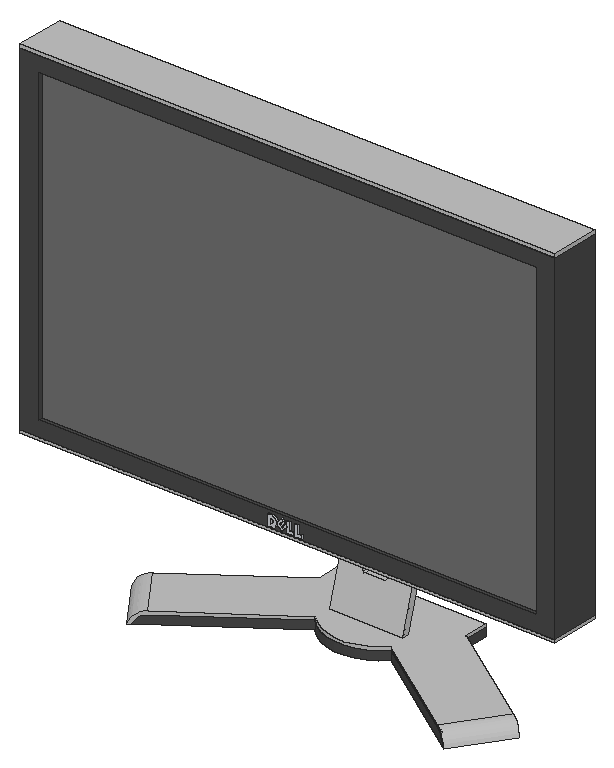
Revit family
Parameters
  Monitor Length [instance] = Diagonal * 0.849  # 1' - 8.376"
  Monitor Heigth [instance] = Diagonal * 0.53125  # 1' - 0 3/4"
  Diagonal [instance] = 2' - 0"
Reference planes (in)
  plane 1 "Center (Front/Back)": y = 0
  plane 2: z = 5.375
  plane 3 "Center (Left/Right)": x = 0
  plane 4 "Front": y = 0
  plane 5 "Rear of Screen": y = 2
  plane 6 "rear of monitor": y = 4
  plane 7 "front of screen": y = 0.25
  plane 8 "Right Side": x = 10.938
  plane 9 "Left Side": x = -10.938
  plane 10: z = 19.625
  plane 11: x = -10.188
  plane 12: z = 6.125
  plane 13: z = 18.875
  plane 14: x = 10.188
  plane 15 "Front of Stand": y = 5
  plane 16 "Back of Stand": y = 6
  plane 17 "Base": z = 0
  plane 18 "Left Side of Stand": x = -1.5
  plane 19 "Right Side of stand": x = 1.5
  plane 20 "Top Of Stand": z = 13.75
  plane 21 "Bottom of Stand": z = 6.25
  plane 22 "Back Of Base": y = 6.375
  plane 23 "Top Of Base": z = 0.5
  plane 24: z = 12.5
  plane 25 "Front Left Base": through (-6.48097, -0.11434, 48) normal (-0.5736, 0.8192, 0)
  plane 26 "Rear Left Base": through (-7.91491, 1.93354, 48) normal (-0.5736, 0.8192, 0)
  plane 27 "Rear Right Base": through (7.91491, 1.93354, 48) normal (-0.5736, -0.8192, 0)
  plane 28 "Front Right Base": through (6.48097, -0.11434, 48) normal (-0.5736, -0.8192, 0)
  plane 29 "Face of Text": y = -0.0625
  plane 30: z = 16.90625
  plane 31: z = 8.59151
Forms (in)
  Extrusion 1, solid, material "Black Plastic"
    sketch origin (0, 0, 4.5) x (-1, 0, 0) y (0, 0, 1)
      loop
        line (10.938, 15) -> (-10.938, 15) -> (-10.938, 1) -> (10.938, 1) -> (10.938, 15)
    from 0 to 2
  Extrusion 2, void
    sketch origin (0, 0, 4.5) x (-1, 0, 0) y (0, 0, 1)
      loop
        line (10.188, 14.375) -> (-10.188, 14.375) -> (-10.188, 1.625) -> (10.188, 1.625) -> (10.188, 14.375)
    from 0 to 0.25
  Blend 3, solid, material "Silver Plastic"
    base sketch origin (0.5, 0, 0.5) x (0, 1, 0) y (-1, 0, 0)
      loop
        line (4, 2) -> (4, -1) -> (4.25, -1) -> (4.25, 2) -> (4, 2)
    top sketch origin (0.5, 0, 0.5) x (0, 1, 0) y (-1, 0, 0)
      loop
        line (6, 2) -> (5.75, 2) -> (5.75, -1) -> (6, -1) -> (6, 2)
    from 0 to 5.75
  Extrusion 4, solid, material "Screen"
    sketch origin (0, 0.25, 0) x (-1, 0, 0) y (0, 0, 1)
      loop
        line (10.188, 18.875) -> (-10.188, 18.875) -> (-10.188, 6.125) -> (10.188, 6.125) -> (10.188, 18.875)
    from 0 to -0.0625
  Extrusion 5, void
    sketch origin (0, 4, 0) x (-1, 0, 0) y (0, 0, 1)
      loop
        arc (-0.40122, 5.76036) -> (-0.47107, 5.73143) -> (-0.5, 5.66158) r 0.09878
        line (-0.5, 5.66158) -> (-0.5, 2.09878)
        arc (-0.5, 2.09878) -> (-0.47107, 2.02893) -> (-0.40122, 2) r 0.09878
        line (-0.40122, 2) -> (0.40122, 2)
        arc (0.40122, 2) -> (0.47107, 2.02893) -> (0.5, 2.09878) r 0.09878
        line (0.5, 2.09878) -> (0.5, 5.66158)
        arc (0.5, 5.66158) -> (0.47107, 5.73143) -> (0.40122, 5.76036) r 0.09878
        line (0.40122, 5.76036) -> (-0.40122, 5.76036)
    from 0.25 to 2
  Extrusion 6, solid, material "Silver Plastic"
    sketch origin (0, 2, 0) x (-1, 0, 0) y (0, 0, 1)
      loop
        line (10.938, 5.5) -> (-10.938, 5.5) -> (-10.938, 5.375) -> (10.938, 5.375) -> (10.938, 5.5)
    from -2 to 0
  Extrusion 7, solid, material "Silver Plastic"
    sketch origin (0, 2, 0) x (-1, 0, 0) y (0, 0, 1)
      loop
        line (10.938, 19.625) -> (-10.938, 19.625) -> (-10.938, 19.5) -> (10.938, 19.5) -> (10.938, 19.625)
    from -2 to 0
  Extrusion 8, solid, material "Black Plastic"
    sketch origin (-2.07845, 2.96834, 0) x (-0.819152, -0.573576, 0) y (0, 0, 1)
      loop
        arc (5.2474, 0) -> (5.05891, 0.25266) -> (4.76841, 0.375) r 0.60038
        line (4.76841, 0.375) -> (-0.62552, 0.375) -> (-0.62552, 0) -> (5.2474, 0)
    from 0 to 2.5
  Extrusion 9, solid, material "Silver Plastic"
    sketch origin (-2.07845, 2.96834, 0) x (-0.819152, -0.573576, 0) y (0, 0, 1)
      loop
        line (5.2474, 0) -> (5.37448, 0)
        arc (5.37448, 0) -> (5.12866, 0.36187) -> (4.71305, 0.49842) r 0.67833
        line (4.71305, 0.49842) -> (-0.62552, 0.49842) -> (-0.62552, 0.375) -> (4.76841, 0.375)
        arc (4.76841, 0.375) -> (5.05891, 0.25266) -> (5.2474, 0) r 0.60038
    from 0 to 2.5
  Extrusion 10, solid, material "Silver Plastic"
    sketch origin (2.07845, 2.96834, 0) x (0.819152, -0.573576, 0) y (0, 0, -1)
      loop
        arc (5.2474, 0) -> (5.05891, -0.25266) -> (4.76841, -0.375) r 0.60038
        line (4.76841, -0.375) -> (-0.62552, -0.375) -> (-0.62552, -0.49842) -> (4.71305, -0.49842)
        arc (4.71305, -0.49842) -> (5.12866, -0.36187) -> (5.37448, 0) r 0.67833
        line (5.37448, 0) -> (5.2474, 0)
    from 0 to 2.5
  Extrusion 11, solid, material "Black Plastic"
    sketch origin (2.07845, 2.96834, 0) x (0.819152, -0.573576, 0) y (0, 0, -1)
      loop
        line (5.2474, 0) -> (-0.62552, 0) -> (-0.62552, -0.375) -> (4.76841, -0.375)
        arc (4.76841, -0.375) -> (5.05891, -0.25266) -> (5.2474, 0) r 0.60038
    from 0 to 2.5
  Extrusion 12, solid, material "Black Plastic"
    sketch origin (0, 0, 0) x (0, 1, 0) y (-1, 0, 0)
      loop
        line (5.375, 3) -> (3.32712, 1.56606)
        arc (3.32712, 1.56606) -> (2.62789, 0) -> (3.32712, -1.56606) r 2.10335
        line (3.32712, -1.56606) -> (5.375, -3) -> (6.375, -3) -> (6.375, 3) -> (5.375, 3)
    from 0 to 0.375
  Extrusion 13, solid, material "Silver Plastic"
    sketch origin (0, 0, 0) x (0, 1, 0) y (-1, 0, 0)
      loop
        line (6.375, 3) -> (5.375, 3) -> (3.32712, 1.56606)
        arc (3.32712, 1.56606) -> (2.62789, 0) -> (3.32712, -1.56606) r 2.10335
        line (3.32712, -1.56606) -> (5.375, -3) -> (6.375, -3) -> (6.375, 3)
    from 0.49842 to 0.375
  Extrusion 14, solid
    sketch origin (0, 0, -0.01627) x (-1, 0, 0) y (0, 0, 1)
      loop
        line (0, 6.04977) -> (-0.125, 6.04977) -> (-0.125, 5.7246) -> (-0.29874, 5.7246) -> (-0.29874, 5.5996) -> (0, 5.5996) -> (0, 6.04977)
    from 0 to -0.06227
  Extrusion 15, solid
    sketch origin (0.32999, 0, -0.01627) x (-1, 0, 0) y (0, 0, 1)
      loop
        line (0, 6.04977) -> (-0.125, 6.04977) -> (-0.125, 5.7246) -> (-0.29874, 5.7246) -> (-0.29874, 5.5996) -> (0, 5.5996) -> (0, 6.04977)
    from 0 to -0.06227
  Extrusion 16, solid
    sketch origin (0, -0.0625, 0) x (0, 0, 1) y (-1, 0, 0)
      loop
        line (5.77695, 0) -> (5.83945, 0) -> (5.87173, 0.03228) -> (5.7349, 0.16911) -> (5.757, 0.19121) -> (5.89383, 0.05438) -> (5.94852, 0.10907) -> (5.81169, 0.2459) -> (5.83379, 0.26799) -> (5.97062, 0.13116) -> (6.03415, 0.19469) -> (5.84018, 0.38866) -> (5.77768, 0.38866) -> (5.58299, 0.19397) -> (5.77695, 0)
    from 0 to -0.0625
  Extrusion 17, solid
    sketch origin (0, -0.0625, 0) x (0, 0, 1) y (-1, 0, 0)
      loop
        arc (5.83929, 0.38866) -> (5.97851, 0.46392) -> (6.03402, 0.61212) r 0.22558
        line (6.03402, 0.61212) -> (6.03402, 0.77061) -> (5.58286, 0.77061) -> (5.58286, 0.61212)
        arc (5.58286, 0.61212) -> (5.63838, 0.46392) -> (5.77759, 0.38866) r 0.22558
        line (5.77759, 0.38866) -> (5.83929, 0.38866)
      loop
        line (5.90902, 0.64561) -> (5.70786, 0.64561) -> (5.70786, 0.61212)
        arc (5.70786, 0.61212) -> (5.80844, 0.51154) -> (5.90902, 0.61212) r 0.10058
        line (5.90902, 0.61212) -> (5.90902, 0.64561)
    from 0 to -0.0625
  Extrusion 18, solid, material "Silver Plastic"
    sketch origin (-1.5, 0, 0) x (0, 0, 1) y (0, -1, 0)
      loop
        line (12.86211, -4) -> (11.26054, -4) -> (11.44628, -4.51031)
        arc (11.44628, -4.51031) -> (11.45771, -4.52786) -> (11.47526, -4.53929) r 0.0508
        line (11.47526, -4.53929) -> (11.56132, -4.53929)
        arc (11.56132, -4.53929) -> (12.06132, -4.15762) -> (12.56132, -4.53929) r 0.51834
        line (12.56132, -4.53929) -> (12.64739, -4.53929)
        arc (12.64739, -4.53929) -> (12.66494, -4.52786) -> (12.67637, -4.51031) r 0.0508
        line (12.67637, -4.51031) -> (12.86211, -4)
    from 0 to 3
  Extrusion 19, solid, material "Black Plastic"
    sketch origin (-1.5, 0, 0) x (0, 0, 1) y (0, -1, 0)
      loop
        arc (12.56132, -4.53929) -> (12.06132, -4.15762) -> (11.56132, -4.53929) r 0.51834
        line (11.56132, -4.53929) -> (11.56132, -5) -> (12.56132, -5) -> (12.56132, -4.53929)
    from 0 to 3
  Extrusion 20, solid, material "Silver Plastic"
    sketch origin (0, 2, 0) x (-1, 0, 0) y (0, 0, 1)
      loop
        line (-5.5, 16.90625) -> (-5.5, 8.59151) -> (5.5, 8.59151) -> (5.5, 16.90625) -> (-5.5, 16.90625)
    from 0 to 2
  Blend 21, solid, material "Black Plastic"
    base sketch origin (0, 2, 0) x (-1, 0, 0) y (0, 0, 1)
      loop
        line (-10.938, 19.5) -> (-10.938, 5.5) -> (-10.83663, 5.57314) -> (-10.83663, 19.42686) -> (-10.938, 19.5)
    top sketch origin (0, 2, 0) x (-1, 0, 0) y (0, 0, 1)
      loop
        line (-5.5, 16.90625) -> (-5.60137, 16.97939) -> (-5.60137, 8.52061) -> (-5.5, 8.59375) -> (-5.5, 16.90625)
    from 0 to 2
  Blend 22, solid, material "Silver Plastic"
    base sketch origin (0, 2, 0) x (-1, 0, 0) y (0, 0, 1)
      loop
        line (-10.938, 19.625) -> (-10.938, 19.5) -> (-10.83663, 19.42686) -> (10.83663, 19.42686) -> (10.938, 19.5) -> (10.938, 19.625) -> (-10.938, 19.625)
    top sketch origin (0, 2, 0) x (-1, 0, 0) y (0, 0, 1)
      loop
        line (-5.60137, 16.97939) -> (-5.5, 16.90625) -> (5.5, 16.90625) -> (5.60137, 16.97939) -> (-5.60137, 16.97939)
    from 0 to 2
  Blend 23, solid, material "Black Plastic"
    base sketch origin (0, 2, 0) x (1, 0, 0) y (0, 0, -1)
      loop
        line (-10.938, -19.5) -> (-10.83663, -19.42686) -> (-10.83663, -5.57314) -> (-10.938, -5.5) -> (-10.938, -19.5)
    top sketch origin (0, 2, 0) x (1, 0, 0) y (0, 0, -1)
      loop
        line (-5.5, -16.90625) -> (-5.5, -8.59375) -> (-5.60137, -8.52061) -> (-5.60137, -16.97939) -> (-5.5, -16.90625)
    from 0 to 2
  Extrusion 24, solid, material "Silver Plastic"
    sketch origin (0, 2, 0) x (-1, 0, 0) y (0, 0, 1)
      loop
        line (-10.938, 5.375) -> (10.938, 5.375) -> (10.938, 5.5) -> (5.5, 8.59375) -> (-5.5, 8.59375) -> (-10.938, 5.5) -> (-10.938, 5.375)
    from 0 to 2
  Extrusion 25, void
    sketch origin (0, 2, 0) x (-1, 0, 0) y (0, 0, 1)
      loop
        line (-5.4163, 8.5) -> (-10.72438, 5.5) -> (10.72438, 5.5) -> (5.4163, 8.5) -> (-5.4163, 8.5)
    from 0.12331 to 2
  Extrusion 26, void
    sketch origin (-10.938, 0, 0) x (0, 1, 0) y (0, 0, 1)
      loop
        line (4, 8.5) -> (2, 5.5) -> (2, 5.375) -> (4, 5.375) -> (4, 8.5)
    from 0 to 21.876
  Extrusion 27, solid, material "Silver Plastic"
    sketch origin (-1.5, 0, -0.82123) x (0, 0, 1) y (0, -1, 0)
      loop
        line (7.07123, -6) -> (12.81545, -6)
        arc (12.81545, -6) -> (12.9099, -5.99419) -> (13.00345, -5.97994) r 1.05362
        line (13.00345, -5.97994) -> (13.92522, -5.76559) -> (13.86524, -5.50765) -> (12.93037, -5.72504)
        arc (12.93037, -5.72504) -> (12.83063, -5.74218) -> (12.72973, -5.75) r 1.09092
        line (12.72973, -5.75) -> (7.07123, -5.75) -> (7.07123, -6)
    from 0 to 3
  Extrusion 28, solid, material "Black Plastic"
    sketch origin (-1.5, 0, 0) x (0, 0, 1) y (0, -1, 0)
      loop
        line (6.25, -5.75) -> (11.9085, -5.75)
        arc (11.9085, -5.75) -> (12.00959, -5.74374) -> (12.10914, -5.72504) r 0.81894
        line (12.10914, -5.72504) -> (13.04401, -5.50765) -> (12.87763, -5.05052)
        arc (12.87763, -5.05052) -> (12.8471, -5.01734) -> (12.80548, -5) r 0.10511
        line (12.80548, -5) -> (6.62958, -5)
        arc (6.62958, -5) -> (6.47542, -5.06202) -> (6.37331, -5.19312) r 0.31921
        line (6.37331, -5.19312) -> (6.25, -5.75)
    from 0 to 3
Cuts and joins
  Extrusion 2, Extrusion 5, Extrusion 25, Extrusion 26 cuts Extrusion 1
  Extrusion 25, Extrusion 26 cuts Extrusion 6
  Extrusion 25, Extrusion 26 cuts Extrusion 7
  Extrusion 25, Extrusion 26 cuts Extrusion 24
  joined: Extrusion 6, Extrusion 7, Extrusion 20, Blend 22, Extrusion 24
  Extrusion 5, Extrusion 25, Extrusion 26 cuts Blend 3
  joined: Blend 3, Extrusion 27
  joined: Extrusion 9, Extrusion 10, Extrusion 13
  joined: Extrusion 8, Extrusion 11, Extrusion 12
  Extrusion 25, Extrusion 26 cuts Blend 21
  Extrusion 25, Extrusion 26 cuts Blend 23
  Extrusion 25 cuts Extrusion 19
  joined: Extrusion 19, Extrusion 28
Dimensions and locks (in)
  locked: plane 11 to plane 9 "Left Side" at 0.75
  locked: plane 8 "Right Side" to plane 14 at 0.75
  equal spacing: plane 8 "Right Side", plane 3 "Center (Left/Right)", plane 9 "Left Side"
  locked: plane 10 to plane 13 at 0.75
  equal spacing: plane 10, plane 24, plane 2
  locked: plane 24 to level at 12.5
  locked: plane 12 to plane 2 at 0.75
  "Monitor Heigth": plane 13 to plane 12
  "Monitor Length": plane 14 to plane 11
  aligned and locked: plane 4 "Front" to Extrusion 1
  aligned and locked: plane 5 "Rear of Screen" to Extrusion 1
  aligned and locked: Extrusion 1 to plane 9 "Left Side"
  aligned and locked: plane 8 "Right Side" to Extrusion 1
  aligned and locked: cut or joined group of Extrusion 1, Extrusion 2, Extrusion 5, Extrusion 25, Extrusion 26 to plane 9 "Left Side"
  aligned and locked: plane 8 "Right Side" to cut or joined group of Extrusion 1, Extrusion 2, Extrusion 5, Extrusion 25, Extrusion 26
  aligned and locked: plane 13 to Extrusion 4
  aligned and locked: Extrusion 4 to plane 12
  aligned and locked: cut or joined group of Extrusion 1, Extrusion 2, Extrusion 5, Extrusion 25, Extrusion 26 to plane 12
  aligned and locked: plane 13 to cut or joined group of Extrusion 1, Extrusion 2, Extrusion 5, Extrusion 25, Extrusion 26
  aligned and locked: cut or joined group of Extrusion 1, Extrusion 2, Extrusion 5, Extrusion 25, Extrusion 26 to Extrusion 6 sketch curve
  aligned and locked: Extrusion 6 sketch curve to cut or joined group of Extrusion 1, Extrusion 2, Extrusion 5, Extrusion 25, Extrusion 26
  aligned and locked: plane 1 "Center (Front/Back)" to Extrusion 6
  aligned and locked: plane 5 "Rear of Screen" to Extrusion 6
  aligned and locked: plane 1 "Center (Front/Back)" to Extrusion 7
  aligned and locked: plane 5 "Rear of Screen" to Extrusion 7
  aligned and locked: plane 10 to Extrusion 7  (x2)
  aligned and locked: cut or joined group of Extrusion 1, Extrusion 2, Extrusion 5, Extrusion 25, Extrusion 26 to Extrusion 7  (x2)
  aligned and locked: cut or joined group of Extrusion 1, Extrusion 2, Extrusion 5, Extrusion 25, Extrusion 26 to Extrusion 6
  aligned and locked: Extrusion 6 to plane 2
  aligned and locked: plane 2 to Extrusion 6
  aligned and locked: Extrusion 6 to cut or joined group of Extrusion 1, Extrusion 2, Extrusion 5, Extrusion 25, Extrusion 26
  aligned and locked: Blend 3 to plane 23 "Top Of Base"
  aligned and locked: Extrusion 15 to cut or joined group of Extrusion 1, Extrusion 2, Extrusion 5, Extrusion 25, Extrusion 26
  aligned and locked: Extrusion 14 to cut or joined group of Extrusion 1, Extrusion 2, Extrusion 5, Extrusion 25, Extrusion 26
  aligned and locked: Extrusion 16 to cut or joined group of Extrusion 1, Extrusion 2, Extrusion 5, Extrusion 25, Extrusion 26
  aligned and locked: Extrusion 17 to cut or joined group of Extrusion 1, Extrusion 2, Extrusion 5, Extrusion 25, Extrusion 26
  aligned and locked: Extrusion 26 to Extrusion 1
  aligned and locked: Extrusion 1 to Extrusion 26
  aligned and locked: plane 30 to cut or joined group of Extrusion 6, Extrusion 7, Extrusion 20, Blend 22, Extrusion 24, Extrusion 25, Extrusion 26
  aligned and locked: plane 31 to cut or joined group of Extrusion 6, Extrusion 7, Extrusion 20, Blend 22, Extrusion 24, Extrusion 25, Extrusion 26
Automatic sketch dimensions
  Extrusion 1 sketch curve to plane 8 "Right Side" = 0' - 0"
  Extrusion 1 sketch curve to plane 9 "Left Side" = 0' - 0"
  plane 2 to Extrusion 1 sketch curve = 0' - 0 1/8"
  Extrusion 1 sketch curve to plane 10 = 0' - 0 1/8"
  Extrusion 2 sketch curve to plane 13 = 0' - 0"
  Extrusion 2 sketch curve to plane 14 = 0' - 0"
  Extrusion 2 sketch curve to plane 11 = 0' - 0"
  Extrusion 2 sketch curve to plane 12 = 0' - 0"
  Blend 3 sketch curve to plane 6 "rear of monitor" = 0' - 0"
  Blend 3 sketch curve to plane 18 "Left Side of Stand" = 0' - 0"  (x2)
  Blend 3 sketch curve to plane 19 "Right Side of stand" = 0' - 0"  (x2)
  Blend 3 sketch curve to Blend 3 sketch curve = 0' - 0 1/4"
  Blend 3 sketch curve to plane 16 "Back of Stand" = 0' - 0"
  plane 16 "Back of Stand" to Blend 3 sketch curve = 0' - 0 1/4"
  Extrusion 4 sketch curve to plane 13 = 0' - 0"
  Extrusion 4 sketch curve to plane 14 = 0' - 0"
  Extrusion 4 sketch curve to plane 11 = 0' - 0"
  Extrusion 4 sketch curve to plane 12 = 0' - 0"
  plane 2 to Extrusion 5 sketch curve = 0' - 0.28658"
  plane 3 "Center (Left/Right)" to Extrusion 5 sketch curve = 0' - 0 1/2"
  Extrusion 5 sketch curve to Extrusion 5 sketch curve = 0' - 0.09878"  (x3)
  Extrusion 5 sketch curve to plane 3 "Center (Left/Right)" = 0' - 0.40122"  (x2)
  plane 23 "Top Of Base" to Extrusion 5 sketch curve = 0' - 1.59878"
  Extrusion 6 sketch curve to plane 8 "Right Side" = 0' - 0"
  Extrusion 6 sketch curve to plane 2 = 0' - 0"
  Extrusion 7 sketch curve to plane 8 "Right Side" = 0' - 0"
  Extrusion 7 sketch curve to plane 9 "Left Side" = 0' - 0"
  Extrusion 7 sketch curve to plane 10 = 0' - 0"
  Extrusion 7 sketch curve to plane 10 = 0' - 0 1/8"
  Extrusion 8 sketch curve to level = 0' - 0"
  Extrusion 8 sketch curve to level = 0' - 0.22008"
  Extrusion 8 sketch curve to Extrusion 8 sketch curve = 0' - 5.31433"
  Extrusion 8 sketch curve to plane 23 "Top Of Base" = 0' - 0 1/8"
  Extrusion 8 sketch curve to Extrusion 8 sketch curve = 0' - 0.0796"
  Extrusion 9 sketch curve to level = 0' - 0"
  Extrusion 9 sketch curve to plane 23 "Top Of Base" = 0' - 0 1/8"
  Extrusion 9 sketch curve to level = 0' - 0.22008"
  Extrusion 9 sketch curve to Extrusion 9 sketch curve = 0' - 5.31433"
  Extrusion 9 sketch curve to plane 23 "Top Of Base" = 0' - 0.00158"
  Extrusion 9 sketch curve to Extrusion 9 sketch curve = 0' - 0.02424"
  Extrusion 9 sketch curve to Extrusion 9 sketch curve = 0' - 0.03162"
  Extrusion 9 sketch curve to Extrusion 9 sketch curve = 0' - 0.05536"
  Extrusion 9 sketch curve to Extrusion 9 sketch curve = 0' - 0.12709"
  Extrusion 10 sketch curve to level = 0' - 0"
  Extrusion 10 sketch curve to plane 23 "Top Of Base" = 0' - 0 1/8"
  Extrusion 10 sketch curve to level = 0' - 0.22008"
  Extrusion 10 sketch curve to Extrusion 10 sketch curve = 0' - 5.31433"
  Extrusion 10 sketch curve to plane 23 "Top Of Base" = 0' - 0.00158"
  Extrusion 10 sketch curve to Extrusion 10 sketch curve = 0' - 0.02424"
  Extrusion 10 sketch curve to Extrusion 10 sketch curve = 0' - 0.03162"
  Extrusion 10 sketch curve to Extrusion 10 sketch curve = 0' - 0.05536"
  Extrusion 10 sketch curve to Extrusion 10 sketch curve = 0' - 0.12709"
  Extrusion 11 sketch curve to level = 0' - 0"
  Extrusion 11 sketch curve to level = 0' - 0.22008"
  Extrusion 11 sketch curve to Extrusion 11 sketch curve = 0' - 5.31433"
  Extrusion 11 sketch curve to plane 23 "Top Of Base" = 0' - 0 1/8"
  Extrusion 11 sketch curve to Extrusion 11 sketch curve = 0' - 0.0796"
  Extrusion 12 sketch curve to plane 25 "Front Left Base" = 0' - 0"
  Extrusion 12 sketch curve to plane 28 "Front Right Base" = 0' - 0"
  Extrusion 12 sketch curve to plane 3 "Center (Left/Right)" = 0' - 0"
  Extrusion 12 sketch curve to plane 27 "Rear Right Base" = 0' - 0"
  Extrusion 12 sketch curve to plane 26 "Rear Left Base" = 0' - 0"
  Extrusion 12 sketch curve to plane 22 "Back Of Base" = 0' - 0"
  Extrusion 12 sketch curve to plane 15 "Front of Stand" = 0' - 0 3/8"  (x2)
  plane 15 "Front of Stand" to Extrusion 12 sketch curve = 0' - 0.26876"
  Extrusion 12 sketch curve to plane 19 "Right Side of stand" = 0' - 0.06606"
  Extrusion 13 sketch curve to plane 28 "Front Right Base" = 0' - 0"
  Extrusion 13 sketch curve to plane 25 "Front Left Base" = 0' - 0"
  Extrusion 13 sketch curve to plane 3 "Center (Left/Right)" = 0' - 0"
  Extrusion 13 sketch curve to plane 26 "Rear Left Base" = 0' - 0"
  Extrusion 13 sketch curve to plane 27 "Rear Right Base" = 0' - 0"
  Extrusion 13 sketch curve to plane 22 "Back Of Base" = 0' - 0"
  Extrusion 13 sketch curve to plane 15 "Front of Stand" = 0' - 0 3/8"  (x2)
  plane 15 "Front of Stand" to Extrusion 13 sketch curve = 0' - 0.26876"
  Extrusion 13 sketch curve to plane 18 "Left Side of Stand" = 0' - 0.06606"
  Extrusion 14 sketch curve to plane 3 "Center (Left/Right)" = 0' - 0"
  plane 3 "Center (Left/Right)" to Extrusion 14 sketch curve = 0' - 0 1/8"
  Extrusion 14 sketch curve to Extrusion 14 sketch curve = 0' - 0.17374"
  plane 2 to Extrusion 14 sketch curve = 0' - 0.20834"
  Extrusion 14 sketch curve to Extrusion 14 sketch curve = 0' - 0 1/8"
  Extrusion 14 sketch curve to plane 12 = 0' - 0.0915"
  plane 2 to Extrusion 15 sketch curve = 0' - 0.20834"
  plane 3 "Center (Left/Right)" to Extrusion 15 sketch curve = 0' - 0.62873"
  Extrusion 15 sketch curve to plane 12 = 0' - 0.0915"
  Extrusion 15 sketch curve to Extrusion 15 sketch curve = 0' - 0.17374"
  Extrusion 15 sketch curve to Extrusion 15 sketch curve = 0' - 0 1/8"  (x2)
  Extrusion 16 sketch curve to plane 3 "Center (Left/Right)" = 0' - 0"
  plane 2 to Extrusion 16 sketch curve = 0' - 0.20799"
  Extrusion 16 sketch curve to plane 3 "Center (Left/Right)" = 0' - 0.16911"
  Extrusion 16 sketch curve to Extrusion 16 sketch curve = 0' - 0.15192"
  Extrusion 16 sketch curve to plane 3 "Center (Left/Right)" = 0' - 0.19121"
  Extrusion 16 sketch curve to Extrusion 16 sketch curve = 0' - 0.0221"  (x2)
  Extrusion 16 sketch curve to Extrusion 16 sketch curve = 0' - 0.04205"
  Extrusion 16 sketch curve to Extrusion 16 sketch curve = 0' - 0.02068"
  Extrusion 16 sketch curve to Extrusion 16 sketch curve = 0' - 0 7/128"
  Extrusion 16 sketch curve to Extrusion 16 sketch curve = 0' - 0 1/16"  (x2)
  Extrusion 16 sketch curve to plane 3 "Center (Left/Right)" = 0' - 0.05438"
  Extrusion 16 sketch curve to plane 3 "Center (Left/Right)" = 0' - 0.10907"
  Extrusion 16 sketch curve to plane 3 "Center (Left/Right)" = 0' - 0.13116"
  Extrusion 16 sketch curve to Extrusion 16 sketch curve = 0' - 0.06353"
  Extrusion 17 sketch curve to Extrusion 17 sketch curve = 0' - 0"  (x6)
  plane 2 to Extrusion 17 sketch curve = 0' - 0.20786"
  Extrusion 17 sketch curve to Extrusion 17 sketch curve = 0' - 0 1/8"
  Extrusion 17 sketch curve to Extrusion 17 sketch curve = 0' - 0.06973"
  Extrusion 17 sketch curve to Extrusion 17 sketch curve = 0' - 0.10058"
  Extrusion 17 sketch curve to Extrusion 17 sketch curve = 0' - 0.0617"
  Extrusion 17 sketch curve to plane 3 "Center (Left/Right)" = 0' - 0.38866"
  Extrusion 17 sketch curve to Extrusion 17 sketch curve = 0' - 0.03349"
  Extrusion 17 sketch curve to Extrusion 17 sketch curve = 0' - 0.15849"
  Extrusion 18 sketch curve to plane 6 "rear of monitor" = 0' - 0"
  Extrusion 18 sketch curve to plane 24 = 0' - 1.23946"
  plane 15 "Front of Stand" to Extrusion 18 sketch curve = 0' - 0.48969"
  Extrusion 18 sketch curve to Extrusion 18 sketch curve = 0' - 0.18574"
  Extrusion 18 sketch curve to Extrusion 18 sketch curve = 0' - 0.02899"  (x3)
  Extrusion 18 sketch curve to Extrusion 18 sketch curve = 0' - 0.04736"
  Extrusion 18 sketch curve to Extrusion 18 sketch curve = 0' - 0.06769"  (x2)
  Extrusion 18 sketch curve to plane 24 = 0' - 0.43868"
  plane 24 to Extrusion 18 sketch curve = 0' - 0.06132"
  Extrusion 18 sketch curve to Extrusion 18 sketch curve = 0' - 0.01837"
  plane 24 to Extrusion 18 sketch curve = 0' - 0.36211"
  plane 6 "rear of monitor" to Extrusion 18 sketch curve = 0' - 0.53929"
  plane 15 "Front of Stand" to Extrusion 18 sketch curve = 0' - 0.32403"
  plane 15 "Front of Stand" to Extrusion 19 sketch curve = 0' - 0"
  Extrusion 19 sketch curve to plane 24 = 0' - 0.93868"
  plane 15 "Front of Stand" to Extrusion 19 sketch curve = 0' - 0.32403"
  Extrusion 19 sketch curve to Extrusion 19 sketch curve = 0' - 0 1/2"
  plane 24 to Extrusion 19 sketch curve = 0' - 0.06132"
  Extrusion 19 sketch curve to Extrusion 19 sketch curve = 0' - 0.46071"
  Extrusion 20 sketch curve to plane 19 "Right Side of stand" = 0' - 4"
  Extrusion 20 sketch curve to plane 18 "Left Side of Stand" = 0' - 4"
  plane 21 "Bottom of Stand" to Extrusion 20 sketch curve = 0' - 2.34151"
  plane 20 "Top Of Stand" to Extrusion 20 sketch curve = 0' - 3 5/32"
  Blend 21 sketch curve to plane 8 "Right Side" = 0' - 0"
  Blend 21 sketch curve to plane 8 "Right Side" = 0' - 0.10137"
  plane 2 to Blend 21 sketch curve = 0' - 0 1/8"
  Blend 21 sketch curve to Blend 21 sketch curve = 0' - 0.07314"  (x3)
  Blend 21 sketch curve to plane 10 = 0' - 0.19814"
  Blend 21 sketch curve to plane 10 = 0' - 0 1/8"
  Blend 21 sketch curve to plane 19 "Right Side of stand" = 0' - 4.10137"
  Blend 21 sketch curve to Blend 21 sketch curve = 0' - 0.10137"
  plane 21 "Bottom of Stand" to Blend 21 sketch curve = 0' - 2.27061"
  plane 20 "Top Of Stand" to Blend 21 sketch curve = 0' - 3 5/32"
  Blend 22 sketch curve to plane 8 "Right Side" = 0' - 0"
  Blend 22 sketch curve to plane 9 "Left Side" = 0' - 0"
  Blend 22 sketch curve to plane 10 = 0' - 0"
  Blend 22 sketch curve to plane 8 "Right Side" = 0' - 0.10137"
  plane 9 "Left Side" to Blend 22 sketch curve = 0' - 0.10137"
  Blend 22 sketch curve to plane 10 = 0' - 0 1/8"  (x2)
  Blend 22 sketch curve to Blend 22 sketch curve = 0' - 0.07314"  (x2)
  Blend 22 sketch curve to plane 19 "Right Side of stand" = 0' - 4.10137"
  Blend 22 sketch curve to Blend 22 sketch curve = 0' - 0.10137"  (x2)
  Blend 22 sketch curve to plane 18 "Left Side of Stand" = 0' - 4"
  plane 20 "Top Of Stand" to Blend 22 sketch curve = 0' - 3 5/32"
  Blend 23 sketch curve to plane 9 "Left Side" = 0' - 0"
  Blend 23 sketch curve to plane 9 "Left Side" = 0' - 0.10137"
  Blend 23 sketch curve to plane 2 = 0' - 0 1/8"
  Blend 23 sketch curve to Blend 23 sketch curve = 0' - 0.07314"  (x3)
  plane 10 to Blend 23 sketch curve = 0' - 0.19814"
  plane 10 to Blend 23 sketch curve = 0' - 0 1/8"
  plane 18 "Left Side of Stand" to Blend 23 sketch curve = 0' - 4.10137"
  Blend 23 sketch curve to Blend 23 sketch curve = 0' - 0.10137"
  Blend 23 sketch curve to plane 21 "Bottom of Stand" = 0' - 2.27061"
  Blend 23 sketch curve to plane 20 "Top Of Stand" = 0' - 3 5/32"
  Extrusion 24 sketch curve to plane 2 = 0' - 0"
  Extrusion 24 sketch curve to plane 8 "Right Side" = 0' - 0"
  Extrusion 24 sketch curve to plane 9 "Left Side" = 0' - 0"
  Extrusion 24 sketch curve to plane 19 "Right Side of stand" = 0' - 4"
  Extrusion 24 sketch curve to plane 18 "Left Side of Stand" = 0' - 4"
  plane 2 to Extrusion 24 sketch curve = 0' - 0 1/8"  (x2)
  plane 21 "Bottom of Stand" to Extrusion 24 sketch curve = 0' - 2 11/32"
  Extrusion 25 sketch curve to plane 8 "Right Side" = 0' - 0.21362"
  Extrusion 25 sketch curve to plane 19 "Right Side of stand" = 0' - 3.9163"
  Extrusion 25 sketch curve to plane 18 "Left Side of Stand" = 0' - 3.9163"
  plane 9 "Left Side" to Extrusion 25 sketch curve = 0' - 0.21362"
  plane 2 to Extrusion 25 sketch curve = 0' - 0 1/8"
  plane 21 "Bottom of Stand" to Extrusion 25 sketch curve = 0' - 2 1/4"
  Extrusion 26 sketch curve to plane 5 "Rear of Screen" = 0' - 0"
  Extrusion 26 sketch curve to plane 2 = 0' - 0"
  Extrusion 26 sketch curve to plane 6 "rear of monitor" = 0' - 0"
  plane 2 to Extrusion 26 sketch curve = 0' - 0 1/8"
  plane 21 "Bottom of Stand" to Extrusion 26 sketch curve = 0' - 2 1/4"
  plane 21 "Bottom of Stand" to Extrusion 27 sketch curve = 0' - 0"
  Extrusion 27 sketch curve to plane 16 "Back of Stand" = 0' - 0"
  plane 16 "Back of Stand" to Extrusion 27 sketch curve = 0' - 0 1/4"
  plane 15 "Front of Stand" to Extrusion 27 sketch curve = 0' - 0.34039"
  plane 15 "Front of Stand" to Extrusion 27 sketch curve = 0' - 0.05347"
  Extrusion 27 sketch curve to Extrusion 27 sketch curve = 0' - 0.10215"
  Extrusion 27 sketch curve to Extrusion 27 sketch curve = 0' - 0.08572"
  Extrusion 27 sketch curve to Extrusion 27 sketch curve = 0' - 0.20064"
  plane 16 "Back of Stand" to Extrusion 27 sketch curve = 0' - 0.02006"
  Extrusion 27 sketch curve to plane 20 "Top Of Stand" = 0' - 0.70599"
  Extrusion 27 sketch curve to plane 20 "Top Of Stand" = 0' - 0.64601"
  plane 16 "Back of Stand" to Extrusion 27 sketch curve = 0' - 0.23441"
  plane 16 "Back of Stand" to Extrusion 27 sketch curve = 0' - 0.27496"
  Extrusion 28 sketch curve to plane 21 "Bottom of Stand" = 0' - 0"
  Extrusion 28 sketch curve to plane 15 "Front of Stand" = 0' - 0"
  plane 21 "Bottom of Stand" to Extrusion 28 sketch curve = 0' - 0.12331"
  Extrusion 28 sketch curve to Extrusion 28 sketch curve = 0' - 0.25628"
  Extrusion 28 sketch curve to Extrusion 28 sketch curve = 0' - 0.29421"
  Extrusion 28 sketch curve to plane 24 = 0' - 0.5915"
  Extrusion 28 sketch curve to Extrusion 28 sketch curve = 0' - 0.20064"
  plane 24 to Extrusion 28 sketch curve = 0' - 0.30548"
  Extrusion 28 sketch curve to Extrusion 28 sketch curve = 0' - 0.01867"
  Extrusion 28 sketch curve to Extrusion 28 sketch curve = 0' - 0.16638"
  Extrusion 28 sketch curve to plane 15 "Front of Stand" = 0' - 0.05052"
  Extrusion 28 sketch curve to plane 15 "Front of Stand" = 0' - 0.19312"
  plane 16 "Back of Stand" to Extrusion 28 sketch curve = 0' - 0.27496"
  Extrusion 28 sketch curve to Extrusion 28 sketch curve = 0' - 0.55688"
  Extrusion 28 sketch curve to Extrusion 28 sketch curve = 0' - 0.07215"
  Extrusion 28 sketch curve to Extrusion 28 sketch curve = 0' - 0.40421"
